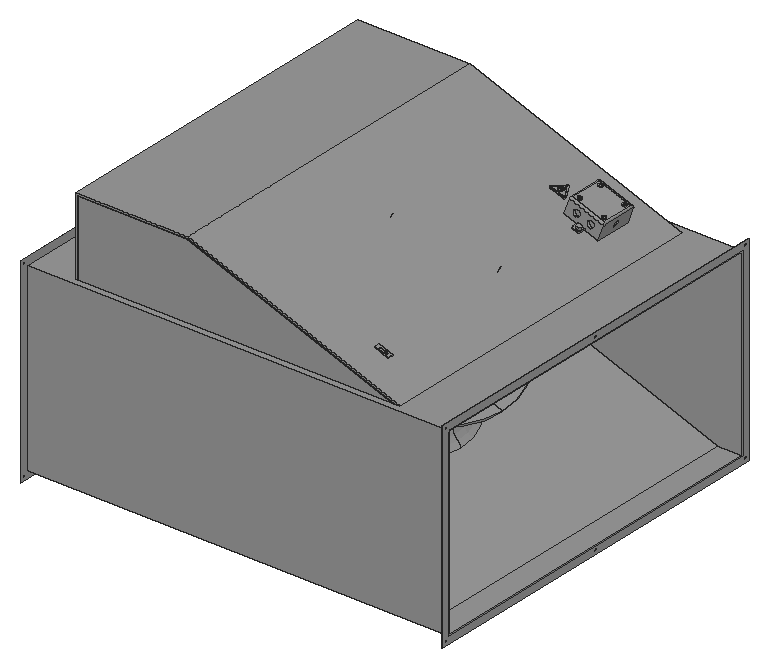
Revit family "ВКП_1000х500_Eng", category Mechanical Equipment, Revit 2021
Family settings
  Round Connector Dimension = Use Diameter
  Classification = None
  Part Type = Normal
  Work Plane-Based = No
  Always vertical = Yes
  Cut with Voids When Loaded = No
  Shared = No
  Room Calculation Point = No
Parameters (values of type "VKP 4D 1000x500")
  Width = B2  # 1040 mm
  Weight = 126 kg
  Voltage = 400 V
  Pressure_Static_Air [instance] = 0.0 Pa
  Power = 4300 W
  Number of Fase = 3
  Maximum Air Flow = 4170.0 L/s
  Load Classification = "HVAC"
  Length = L  # 1150 mm
  Height = H + 230 mm  # 730 mm
  Description = "For rectangular ducts"  # constant formula
  Default Elevation = 0 mm
  Manufacturer = "Vents"  # constant formula
  h1 = H / 2  # 250 mm
  URL = "https://ventilation-system.com/series/vkp-rectangular"
  Maintenance zone material = none
  L = 1150 mm
  H2 = 540 mm
  H1 = 520 mm
  Casing Material = Steel, galvanized
  H = 500 mm
  B2 = 1040 mm
  B1 = 1020 mm
  B = 1000 mm
  Amperage = 6.8 A
  Air Flow [instance] = 0.0 L/s
  09_System_Name [instance] = ""
  00_20_Type = "VKP 4D 1000x500"
  00_20_Name = "Inline centrifugal fan"  # constant formula
  00_20_Manufacturer = "Vents"  # constant formula
Types (2, lengths in mm): name | Weight | Power | Maximum Air Flow | Amperage | 00_20_Type
  VKP 4D 1000x500 | 126 kg | 4300 W | 4170.0 L/s | 6.8 A | "VKP 4D 1000x500"
  VKP 6D 1000x500 | 120 kg | 1198 W | 2900.0 L/s | 2.7 A | "VKP 6D 1000x500"
Reference planes
  plane 1 "По центру (Вперед/Назад)": y = 0
  plane 2: z = 0
  plane 3 "По центру (Влево/Вправо)": x = 0
  plane 4: y = 500
  plane 5: y = -500
  plane 6: x = -575
  plane 7: x = 575
  plane 8: y = 510
  plane 9: y = -510
  plane 10: z = -10
  plane 11: z = 510
  plane 12 "20 град": through (950.936, -1524, -158.675) normal (-0.342, 0, -0.9397)
  plane 13 "Ось барабана": through (487.358, -1524, 1498.001) normal (0.9397, 0, -0.342)
Forms (mm)
  Extrusion 1, solid, material "Steel, galvanized"
    sketch origin (0, 0, 0) x (1, 0, 0) y (0, 1, 0)
      loop
        line (-575, 500) -> (-575, -500) -> (575, -500) -> (575, 500) -> (-575, 500)
    from 0 to 500 <- "H"
  Extrusion 2, void
    sketch origin (0, 0, 0) x (0, 1, 0) y (0, 0, 1)
      loop
        line (498, 498) -> (-498, 498) -> (-498, 2) -> (498, 2) -> (498, 498)
    from -575 to 575
  Extrusion 3, solid, material "Steel, galvanized"
    sketch origin (0, 0, 0) x (0, 1, 0) y (0, 0, 1)
      loop
        line (520, -20) -> (520, 520) -> (-520, 520) -> (-520, -20) -> (520, -20)
      loop
        line (500, 0) -> (500, 500) -> (-500, 500) -> (-500, 0) -> (500, 0)
      loop
        circle (510, 510) r 4.5
      loop
        circle (-510, 510) r 4.5
      loop
        circle (-510, -10) r 4.5
      loop
        circle (510, -10) r 4.5
      loop
        circle (0, 510) r 4.5
      loop
        circle (0, -10) r 4.5
    from 575 to 573
  Extrusion 4, solid, material "Steel, galvanized"
    sketch origin (0, 0, 0) x (0, 1, 0) y (0, 0, 1)
      loop
        line (520, -20) -> (520, 520) -> (-520, 520) -> (-520, -20) -> (520, -20)
      loop
        line (500, 0) -> (500, 500) -> (-500, 500) -> (-500, 0) -> (500, 0)
      loop
        circle (510, 510) r 4.5
      loop
        circle (-510, 510) r 4.5
      loop
        circle (-510, -10) r 4.5
      loop
        circle (510, -10) r 4.5
      loop
        circle (0, 510) r 4.5
      loop
        circle (0, -10) r 4.5
    from -573 to -575
  Extrusion 5, solid, material "Steel, galvanized"
    sketch origin (0, 0, 0) x (1, 0, 0) y (0, 0, 1)
      loop
        line (-151.964, 710.018) -> (-455, 710.018) -> (-455, 500) -> (-450, 500) -> (-450, 705) -> (-152.852, 705) -> (410.381, 500.021) -> (425, 500.021) -> (-151.964, 710.018)
    from -480 to 480
  Revolve 6, solid, material "Steel, galvanized"
    sketch origin (0.021, 0, -0.002) x (1, 0, 0.000032) y (-0.000032, 0, 1)
      loop
        line (40.374, 634.679) -> (30.751, 638.182) -> (24.639, 621.391) -> (-106.918, 669.273) -> (-108.628, 664.575) -> (-61.643, 647.474) -> (-147.148, 412.551) -> (-194.133, 429.652) -> (-195.843, 424.953) -> (-130.954, 401.336)
        arc (-130.954, 401.336) -> (-109.794, 376.116) -> (-109.795, 343.195) r 48.128
        line (-109.795, 343.195) -> (-121.767, 310.306)
        arc (-121.767, 310.306) -> (-148.377, 273.682) -> (-190.352, 256.724) r 82.12
        line (-190.352, 256.724) -> (-108.088, 226.782) -> (40.374, 634.679)
      axis (9.137, 184.116) -> (157.6, 592.013)
    angle from 0 to 360
  Extrusion 7, void
    sketch origin (0, 0, 0) x (1, 0, 0) y (0, 1, 0)
      loop
        line (-450, 480) -> (-450, -480) -> (425, -480) -> (425, 480) -> (-450, 480)
    from 498 to 500
  Extrusion 8, solid, material "Steel, galvanized"
    sketch origin (0, 0, 0) x (1, 0, 0) y (0, 0, 1)
      loop
        line (509.486, 2) -> (-480, 362.143) -> (-480, 498) -> (-485, 498) -> (-485, 358.642) -> (494.867, 2) -> (509.486, 2)
    from -498 to 498
  Extrusion 9, solid, material "Steel, galvanized"
    sketch origin (0, 0, 0) x (1, 0, 0) y (0, 0, 1)
      loop
        line (-450, 705) -> (-450, 500) -> (410.437, 500) -> (-152.852, 705) -> (-450, 705)
    from -480 to -475
  Extrusion 10, solid, material "Steel, galvanized"
    sketch origin (0, 0, 0) x (1, 0, 0) y (0, 0, 1)
      loop
        line (-450, 705) -> (-450, 500) -> (410.437, 500) -> (-152.852, 705) -> (-450, 705)
    from 475 to 480
  Extrusion 11, void
    sketch origin (60.679, 0, 165.352) x (0.939693, 0, -0.34202) y (0, -1, 0)
      loop
        circle (-54.888, 0) r 212
    from 0 to 5
  Extrusion 12, solid, material "Steel, galvanized"
    sketch origin (0, 0, 0) x (1, 0, 0) y (0, 0, 1)
      loop
        line (406.8, 34.054) -> (-485, 358.642) -> (-485, 2) -> (406.8, 2) -> (406.8, 34.054)
    from 2 to -2
Cuts and joins
  Extrusion 2, Extrusion 7, Extrusion 11 cuts Extrusion 1
  Extrusion 11 cuts Revolve 6
  Extrusion 11 cuts Extrusion 8
Dimensions and locks
  equal spacing: plane 6, plane 3 "По центру (Влево/Вправо)", plane 7
  "L": plane 6 to plane 7
  equal spacing: plane 4, plane 1 "По центру (Вперед/Назад)", plane 5
  "B": plane 4 to plane 5
  locked: Extrusion 1 to Extrusion 2 sketch curve at 2
  locked: Extrusion 2 sketch curve to level at 2
  locked: plane 4 to Extrusion 2 sketch curve at 2
  locked: Extrusion 2 sketch curve to plane 5 at 2
  "H": Extrusion 3 sketch curve to level
  Extrusion 3 sketch curve to Extrusion 3 sketch curve = 20 mm
  "H2": Extrusion 3 sketch curve to Extrusion 3 sketch curve
  equal spacing: Extrusion 3 sketch curve, plane 1 "По центру (Вперед/Назад)", Extrusion 3 sketch curve
  "B2": Extrusion 3 sketch curve to Extrusion 3 sketch curve
  equal spacing: plane 8, plane 1 "По центру (Вперед/Назад)", plane 9
  "B1": plane 8 to plane 9
  level to plane 10 = 10 mm
  "H1": plane 11 to plane 10
  locked: Extrusion 3 to plane 7 at 2
  "H": Extrusion 4 sketch curve to level
  Extrusion 4 sketch curve to cut or joined group of Extrusion 1, Extrusion 2, Extrusion 7, Extrusion 11 = 20 mm
  "H2": Extrusion 4 sketch curve to Extrusion 4 sketch curve
  equal spacing: Extrusion 4 sketch curve, plane 1 "По центру (Вперед/Назад)", Extrusion 4 sketch curve
  "B2": Extrusion 4 sketch curve to Extrusion 4 sketch curve
  locked: plane 6 to Extrusion 4 at 2
  locked: plane 12 "20 град" to plane 7 at 60.019
  locked: plane 13 "Ось барабана" to plane 7 at 447.245
  plane 10 to Extrusion 5 sketch curve = 720.018 mm
  locked: Extrusion 5 sketch curve to plane 7 at 150
  locked: Extrusion 5 sketch curve to Extrusion 5 sketch curve at 880
  locked: Extrusion 5 to plane 5 at 20
  locked: plane 4 to Extrusion 5 at 20
  Revolve 6 sketch curve to Revolve 6 sketch curve = 17.869 mm
  locked: Revolve 6 sketch curve to Revolve 6 sketch curve at 5  (x2)
  "h1": Revolve 6 sketch curve to Revolve 6 sketch curve
  Revolve 6 sketch curve to Revolve 6 sketch curve = 50 mm  (x2)
  locked: plane 12 "20 град" to plane 10 (angle 20.00°)
  locked: Extrusion 5 sketch curve to cut or joined group of Extrusion 1, Extrusion 2, Extrusion 7, Extrusion 11 (angle 20.00°)
  aligned and locked: level to plane 2
  aligned and locked: Extrusion 1 sketch curve to plane 4
  aligned and locked: Extrusion 1 sketch curve to plane 6
  aligned and locked: plane 5 to Extrusion 1 sketch curve
  aligned and locked: plane 7 to Extrusion 1 sketch curve
  aligned and locked: plane 6 to Extrusion 2
  aligned and locked: Extrusion 2 to plane 7
  aligned and locked: Extrusion 3 sketch curve to plane 4
  aligned and locked: plane 5 to Extrusion 3 sketch curve
  aligned and locked: level to Extrusion 3 sketch curve
  aligned and locked: plane 7 to Extrusion 3
  aligned and locked: Extrusion 4 sketch curve to plane 4
  aligned and locked: plane 5 to Extrusion 4 sketch curve
  aligned and locked: level to Extrusion 4 sketch curve
  aligned and locked: Extrusion 4 to plane 6
  aligned and locked: Extrusion 5 sketch curve to cut or joined group of Extrusion 1, Extrusion 2, Extrusion 7, Extrusion 11
  aligned and locked: cut or joined group of Extrusion 1, Extrusion 2, Extrusion 7, Extrusion 11 to Extrusion 8  (x2)
  aligned and locked: nested 1 to Extrusion 5
  aligned and locked: nested 2 to Extrusion 5
  aligned and locked: nested 3 to Extrusion 5
Automatic sketch dimensions
  Extrusion 5 sketch curve to Extrusion 5 sketch curve = 5 mm
  Extrusion 5 sketch curve to plane 3 "По центру (Влево/Вправо)" = 152.852 mm
  Extrusion 5 sketch curve to Extrusion 5 sketch curve = 0.888 mm
  Extrusion 5 sketch curve to Extrusion 5 sketch curve = 14.619 mm
  Extrusion 5 sketch curve to Extrusion 5 sketch curve = 5.018 mm
  plane 5 to Extrusion 7 sketch curve = 20 mm
  Extrusion 7 sketch curve to plane 6 = 125 mm
  plane 7 to Extrusion 7 sketch curve = 150 mm
  Extrusion 7 sketch curve to plane 4 = 20 mm
  plane 12 "20 град" to Extrusion 8 sketch curve = 0 mm  (x2)
  Extrusion 8 sketch curve to Extrusion 8 sketch curve = 5 mm
  level to Extrusion 8 sketch curve = 2 mm
  Extrusion 8 sketch curve to Extrusion 8 sketch curve = 14.619 mm
  Extrusion 8 sketch curve to Extrusion 8 sketch curve = 3.501 mm
  Extrusion 8 sketch curve to plane 11 = 12 mm
  Extrusion 8 sketch curve to plane 6 = 95 mm
  Extrusion 9 sketch curve to plane 11 = 10 mm
  Extrusion 9 sketch curve to plane 6 = 125 mm
  plane 11 to Extrusion 9 sketch curve = 195 mm
  plane 3 "По центру (Влево/Вправо)" to Extrusion 9 sketch curve = 410.437 mm
  Extrusion 9 sketch curve to plane 3 "По центру (Влево/Вправо)" = 152.852 mm
  Extrusion 10 sketch curve to plane 6 = 125 mm
  Extrusion 10 sketch curve to plane 3 "По центру (Влево/Вправо)" = 152.852 mm
  plane 7 to Extrusion 10 sketch curve = 164.563 mm
  Extrusion 10 sketch curve to plane 11 = 10 mm
  Extrusion 10 sketch curve to Extrusion 10 sketch curve = 205 mm
  Extrusion 11 sketch curve to plane 1 "По центру (Вперед/Назад)" = 0 mm
  Extrusion 11 sketch curve to plane 13 "Ось барабана" = 0.042 mm
  level to Extrusion 12 sketch curve = 2 mm
  Extrusion 12 sketch curve to plane 6 = 90 mm
  plane 7 to Extrusion 12 sketch curve = 168.2 mm
  Extrusion 12 sketch curve to Extrusion 12 sketch curve = 32.054 mm
  Extrusion 12 sketch curve to Extrusion 12 sketch curve = 324.589 mm
  Extrusion 3 sketch curve to plane 9 = 0 mm  (x2)
  Extrusion 3 sketch curve to plane 1 "По центру (Вперед/Назад)" = 0 mm  (x2)
  Extrusion 3 sketch curve to plane 8 = 0 mm  (x2)
  Extrusion 3 sketch curve to plane 10 = 0 mm  (x2)
  plane 10 to Extrusion 3 sketch curve = 0 mm
  plane 11 to Extrusion 3 sketch curve = 0 mm
  Extrusion 3 sketch curve to plane 11 = 0 mm  (x2)
  Extrusion 4 sketch curve to plane 9 = 0 mm  (x2)
  Extrusion 4 sketch curve to plane 1 "По центру (Вперед/Назад)" = 0 mm  (x2)
  Extrusion 4 sketch curve to plane 8 = 0 mm  (x2)
  Extrusion 4 sketch curve to plane 10 = 0 mm  (x2)
  plane 10 to Extrusion 4 sketch curve = 0 mm
  plane 11 to Extrusion 4 sketch curve = 0 mm
  Extrusion 4 sketch curve to plane 11 = 0 mm  (x2)
  plane 12 "20 град" to Revolve 6 sketch curve = 0 mm
  Revolve 6 sketch curve to plane 3 "По центру (Влево/Вправо)" = 198.924 mm
  Revolve 6 sketch curve to Revolve 6 sketch curve = 3.091 mm
  Revolve 6 sketch curve to Revolve 6 sketch curve = 4.801 mm
  Revolve 6 sketch curve to Revolve 6 sketch curve = 8.581 mm
  Revolve 6 sketch curve to Revolve 6 sketch curve = 43.914 mm
  Revolve 6 sketch curve to Revolve 6 sketch curve = 67.979 mm
  Revolve 6 sketch curve to Revolve 6 sketch curve = 77.167 mm
  Revolve 6 sketch curve to Revolve 6 sketch curve = 11.972 mm
  Revolve 6 sketch curve to Revolve 6 sketch curve = 13.679 mm
  plane 3 "По центру (Влево/Вправо)" to Revolve 6 sketch curve = 24.64 mm
  plane 3 "По центру (Влево/Вправо)" to Revolve 6 sketch curve = 40.375 mm
  Revolve 6 sketch curve to Revolve 6 sketch curve = 83.523 mm
  Revolve 6 sketch curve to Revolve 6 sketch curve = 32.889 mm
  plane 3 "По центру (Влево/Вправо)" to Revolve 6 sketch curve = 82.677 mm
  plane 3 "По центру (Влево/Вправо)" to Revolve 6 sketch curve = 120.296 mm
  Revolve 6 sketch curve to plane 11 = 123.856 mm
  Revolve 6 sketch curve to plane 11 = 20.489 mm
  radius of Extrusion 11 sketch curve = 212 mm
  radius of Extrusion 3 sketch curve = 4.5 mm  (x6)
  radius of Extrusion 4 sketch curve = 4.5 mm  (x6)
Nested families
  nested 1: "Сonnector" at (295.503, 350, 547.154) x (0.9397, 0, -0.342) z (0.342, 0, 0.9397), type "100х100"
  nested 2: "Arrow" at (301.593, -380, 544.937) x (0.9397, 0, -0.342) z (0.342, 0, 0.9397), type "Arrow"
  nested 3: "Sticker" at (199.964, 335, 581.927) x (0.9397, 0, -0.342) z (0.342, 0, 0.9397), type "Sticker"
Connectors
  hvac at (575, 0, 250), driven by "H", driven by "B"
    settings: on Extrusion 3, index 1, duct flow 0.0 L/s, flow factor 0, pres drop 0.0 Pa, loss coef 0, conn angle 0.00°, conn width 1000 mm, conn height 500 mm, conn diameter 609.6 mm, duct sys type 1, conn prof type 1, flow config 0, flow direction 2, loss method 0, conn ref index -1, conn util no, is conn primary yes, conn desc ""
  hvac at (-575, 0, 250), driven by "H", driven by "B"
    settings: on Extrusion 4, index 2, duct flow 0.0 L/s, flow factor 0, pres drop 0.0 Pa, loss coef 0, conn angle 0.00°, conn width 1000 mm, conn height 500 mm, conn diameter 609.6 mm, duct sys type 1, conn prof type 1, flow config 0, flow direction 1, loss method 0, conn ref index -1, conn util no, is conn primary no, conn desc ""
  electrical at (351.038, 350, 553.545), driven by "Voltage"
    settings: on nested 1, index 3, voltage 400 V, apparent load 0 VA, apparent load phase1 0 VA, apparent load phase2 0 VA, apparent load phase3 0 VA, power factor 1, load classification "Мощность", number of poles 1, system type 31, power factor state 1, is connector primary yes, connector utility no, sub classification motor no, connector description ""
Definition of nested family "Сonnector"
  Parameters (values of type "75х75")
    Ш2 = Ш + 20 mm - 12 mm  # 83 mm
    Ш1 = Ш / 2 - 15 mm  # 22.5 mm
    Ш = 75 mm
    Default Elevation = 0 mm
    Д1 = Д / 2 - 15 mm  # 22.5 mm
    Д = 75 mm
    h = H / 2  # 25 mm
    H = 50 mm
  Types (3, lengths in mm): name | Ш2 | Ш1 | Ш | Д1 | Д
    100х100 | 108 | 35 | 100 | 35 | 100
    200Х200 | 208 | 85 | 200 | 85 | 200
    75х75 | 83 | 22.5 | 75 | 22.5 | 75
  Reference planes
    plane 1 "По центру (Вперед/Назад)": y = 0
    plane 2: z = 0
    plane 3 "По центру (Влево/Вправо)": x = 0
  Forms (mm)
    Extrusion 1, solid
      sketch origin (0, 0, 0) x (1, 0, 0) y (0, 1, 0)
        loop
          line (-37.5, 37.5) -> (-37.5, -37.5) -> (37.5, -37.5) -> (37.5, 37.5) -> (-37.5, 37.5)
      from 0 to 50 <- "H"
    Sweep 2, void
      path in 3D
        loop
          line (-37.5, 37.5, 50) -> (-37.5, -37.5, 50) -> (37.5, -37.5, 50) -> (37.5, 37.5, 50) -> (-37.5, 37.5, 50)
      profile origin (0, 37.5, 50) x (0, -1, 0) y (0, 0, 1)
        loop
          line (5, 0) -> (0, 0) -> (0, -5)
          arc (0, -5) -> (1.464, -1.464) -> (5, 0) r 5
    Extrusion 3, solid
      sketch origin (0, 0, 0) x (1, 0, 0) y (0, 1, 0)
        loop
          line (10, 37.5) -> (10, 54.859)
          arc (10, 54.859) -> (9.227, 56.727) -> (7.359, 57.5) r 2.641
          line (7.359, 57.5) -> (-7.359, 57.5)
          arc (-7.359, 57.5) -> (-9.227, 56.727) -> (-10, 54.859) r 2.641
          line (-10, 54.859) -> (-10, 37.5) -> (10, 37.5)
        loop
          circle (0, 47.5) r 4
        loop
          line (10, -37.5) -> (-10, -37.5) -> (-10, -54.859)
          arc (-10, -54.859) -> (-9.227, -56.727) -> (-7.359, -57.5) r 2.641
          line (-7.359, -57.5) -> (7.359, -57.5)
          arc (7.359, -57.5) -> (9.227, -56.727) -> (10, -54.859) r 2.641
          line (10, -54.859) -> (10, -37.5)
        loop
          circle (0, -47.5) r 4
      from 0 to 4
    Extrusion 4, void
      sketch origin (0, 0, 0) x (0, 1, 0) y (0, 0, 1)
        loop
          circle (0, 25) r 10
      from -37.5 to -32.5
    Extrusion 5, void
      sketch origin (0, 0, 0) x (0, 1, 0) y (0, 0, 1)
        loop
          circle (0, 25) r 10
      from 32.5 to 37.5
    Extrusion 6, void
      sketch origin (0, 0, 0) x (1, 0, 0) y (0, 0, 1)
        loop
          circle (20, 25) r 10
        loop
          circle (-20, 25) r 10
      from 32.5 to 37.5
    Extrusion 7, void
      sketch origin (0, 0, 0) x (1, 0, 0) y (0, 0, 1)
        loop
          circle (20, 25) r 10
        loop
          circle (-20, 25) r 10
      from -37.5 to -32.5
    Extrusion 8, solid
      sketch origin (0, 0, 0) x (1, 0, 0) y (0, 1, 0)
        loop
          line (3.462, 41.5) -> (6.924, 47.496) -> (3.462, 53.492) -> (-3.462, 53.492) -> (-6.924, 47.496) -> (-3.462, 41.5) -> (3.462, 41.5)
        loop
          line (3.462, -41.5) -> (-3.462, -41.5) -> (-6.924, -47.496) -> (-3.462, -53.492) -> (3.462, -53.492) -> (6.924, -47.496) -> (3.462, -41.5)
      from 4 to 9.463
  Cuts and joins
    Sweep 2, Extrusion 4, Extrusion 5, Extrusion 6, Extrusion 7 cuts Extrusion 1
  Lines and regions (mm)
    sketch lines
      curve 1: line (37.5, 37.5, 50) -> (-37.5, 37.5, 50)
      curve 2: line (37.5, -37.5, 50) -> (37.5, 37.5, 50)
      curve 3: line (-37.5, -37.5, 50) -> (37.5, -37.5, 50)
      curve 4: line (-37.5, 37.5, 50) -> (-37.5, -37.5, 50)
  Dimensions and locks
    "Д": Extrusion 1 sketch curve to Extrusion 1 sketch curve
    "Ш": Extrusion 1 sketch curve to Extrusion 1 sketch curve
    equal spacing: Extrusion 1 sketch curve, plane 3 "По центру (Влево/Вправо)", Extrusion 1 sketch curve
    equal spacing: Extrusion 1 sketch curve, plane 1 "По центру (Вперед/Назад)", Extrusion 1 sketch curve
    "Д1": nested 2 to plane 3 "По центру (Влево/Вправо)"
    "Д1": plane 3 "По центру (Влево/Вправо)" to nested 1
    "Д1": nested 4 to plane 3 "По центру (Влево/Вправо)"
    "Д1": plane 3 "По центру (Влево/Вправо)" to nested 3
    "Ш1": nested 3 to plane 1 "По центру (Вперед/Назад)"
    "Ш1": plane 1 "По центру (Вперед/Назад)" to nested 1
    "Ш1": nested 4 to plane 1 "По центру (Вперед/Назад)"
    "Ш1": plane 1 "По центру (Вперед/Назад)" to nested 2
    Extrusion 3 sketch curve to Extrusion 3 sketch curve = 20 mm  (x3)
    equal spacing: Extrusion 3 sketch curve, plane 1 "По центру (Вперед/Назад)", Extrusion 3 sketch curve
    "Ш": Extrusion 3 sketch curve to Extrusion 3 sketch curve
    "h": Extrusion 4 sketch curve to level
    "h": Extrusion 5 sketch curve to level
    "h": level to Extrusion 6 sketch curve  (x2)
    plane 3 "По центру (Влево/Вправо)" to Extrusion 6 sketch curve = 20 mm
    Extrusion 6 sketch curve to plane 3 "По центру (Влево/Вправо)" = 20 mm
    "h": level to Extrusion 7 sketch curve  (x2)
    Extrusion 7 sketch curve to plane 3 "По центру (Влево/Вправо)" = 20 mm
    plane 3 "По центру (Влево/Вправо)" to Extrusion 7 sketch curve = 20 mm
    locked: Extrusion 8 sketch curve to Extrusion 8 sketch curve at 11.992  (x2)
    equal spacing: Extrusion 8, plane 1 "По центру (Вперед/Назад)", Extrusion 8
    "Ш2": Extrusion 8 to Extrusion 8
    locked: Extrusion 3 sketch curve to cut or joined group of Extrusion 1, Sweep 2, Extrusion 4, Extrusion 5, Extrusion 6, Extrusion 7 at 10  (x2)
    radius of Extrusion 7 sketch curve = 10 mm
    aligned and locked: level to plane 2
    aligned and locked: Extrusion 1 to Extrusion 4
    aligned and locked: Sweep 2 to Extrusion 4
    aligned and locked: Extrusion 1 to Extrusion 5
    aligned and locked: Sweep 2 to Extrusion 5
    aligned and locked: Extrusion 1 to Extrusion 6
    aligned and locked: Sweep 2 to Extrusion 6
    aligned and locked: Extrusion 1 to Extrusion 7
    aligned and locked: Extrusion 7 to Sweep 2
  Automatic sketch dimensions
    Sweep 2 sketch curve to profile plane = 0 mm  (x2)
    Sweep 2 sketch curve to profile plane = 5 mm
    Extrusion 8 sketch curve to plane 3 "По центру (Влево/Вправо)" = 6.924 mm  (x2)
    Extrusion 8 sketch curve to plane 3 "По центру (Влево/Вправо)" = 3.462 mm  (x4)
    plane 3 "По центру (Влево/Вправо)" to Extrusion 8 sketch curve = 3.462 mm  (x4)
    Extrusion 8 sketch curve to Extrusion 8 sketch curve = 3.462 mm
    plane 3 "По центру (Влево/Вправо)" to Extrusion 8 sketch curve = 6.924 mm
    plane 1 "По центру (Вперед/Назад)" to Extrusion 8 sketch curve = 53.492 mm
    Extrusion 8 sketch curve to Extrusion 8 sketch curve = 5.996 mm  (x4)
    Extrusion 8 sketch curve to plane 1 "По центру (Вперед/Назад)" = 41.5 mm
    Extrusion 3 sketch curve to plane 3 "По центру (Влево/Вправо)" = 0 mm  (x2)
    Extrusion 3 sketch curve to plane 3 "По центру (Влево/Вправо)" = 7.359 mm  (x2)
    Extrusion 3 sketch curve to plane 3 "По центру (Влево/Вправо)" = 10 mm  (x2)
    plane 3 "По центру (Влево/Вправо)" to Extrusion 3 sketch curve = 7.359 mm
    Extrusion 3 sketch curve to Extrusion 3 sketch curve = 2.641 mm  (x2)
    Extrusion 4 sketch curve to plane 1 "По центру (Вперед/Назад)" = 0 mm
    Extrusion 5 sketch curve to plane 1 "По центру (Вперед/Назад)" = 0 mm
    radius of Extrusion 3 sketch curve = 4 mm  (x2)
    radius of Extrusion 4 sketch curve = 10 mm
    radius of Extrusion 5 sketch curve = 10 mm
    radius of Extrusion 6 sketch curve = 10 mm  (x2)
    radius of Extrusion 7 sketch curve = 10 mm
  Nested families
    nested 1: "Винт" at (22.5, 22.5, 50), built-in parameter 1001364 <- "H", type "Винт"
    nested 2: "Винт" at (-22.5, 22.5, 50), built-in parameter 1001364 <- "H", type "Винт"
    nested 3: "Винт" at (22.5, -22.5, 50), built-in parameter 1001364 <- "H", type "Винт"
    nested 4: "Винт" at (-22.5, -22.5, 50), built-in parameter 1001364 <- "H", type "Винт"
  Definition of nested family "Винт"
    Parameters (values of type "Винт")
      Default Elevation = 0 mm
    Reference planes
      plane 1 "По центру (Вперед/Назад)": y = 0
      plane 2: z = 0
      plane 3 "По центру (Влево/Вправо)": x = 0
    Forms (mm)
      Revolve 1, solid
        sketch origin (0, 0, 0) x (1, 0, 0) y (0, 0, 1)
          loop
            line (0, -20) -> (2.5, -20) -> (2.5, 0) -> (5, 0) -> (5, 0.988)
            arc (5, 0.988) -> (2.589, 1.966) -> (0, 2.235) r 9.254
            line (0, 2.235) -> (0, -20)
          axis (0, 2.235) -> (0, -20)
        angle from 0 to 360
      Extrusion 2, void
        sketch origin (0, -0.137, 0) x (1, 0, 0) y (0, 1, 0)
          loop
            line (-0.439, -5.142) -> (0.455, -5.142) -> (0.455, -0.343) -> (5.265, -0.343) -> (5.265, 0.594) -> (0.455, 0.594) -> (0.455, 5.38) -> (-0.439, 5.38) -> (-0.439, 0.594) -> (-5.291, 0.594) -> (-5.291, -0.343) -> (-0.439, -0.343) -> (-0.439, -5.142)
        from 0.988 to 3.071
    Cuts and joins
      Extrusion 2 cuts Revolve 1
    Dimensions and locks
      aligned and locked: level to plane 2
      aligned and locked: Extrusion 2 to Revolve 1
Definition of nested family "Arrow"
  Parameters (values of type "Cтрелка")
    Default Elevation = 0 mm
  Reference planes
    plane 1 "По центру (Вперед/Назад)": y = 0
    plane 2: z = 0
    plane 3 "По центру (Влево/Вправо)": x = 0
  Forms (mm)
    Extrusion 1, solid
      sketch origin (0, 0, 0) x (1, 0, 0) y (0, 1, 0)
        loop
          line (-20, -7.5) -> (20, -7.5) -> (20, 7.5) -> (-20, 7.5) -> (-20, -7.5)
        loop
          line (-10.967, 0) -> (-10.967, -2.486) -> (3.357, -2.486) -> (3.357, -4.529) -> (11.203, 0) -> (3.357, 4.529) -> (3.357, 2.486) -> (-10.967, 2.486) -> (-10.967, 0)
      from 0 to 1
    Extrusion 2, solid
      sketch origin (0, 0, 0) x (1, 0, 0) y (0, 1, 0)
        loop
          line (-10.967, 2.486) -> (-10.967, -2.486) -> (3.357, -2.486) -> (3.357, -4.529) -> (11.203, 0) -> (3.357, 4.529) -> (3.357, 2.486) -> (-10.967, 2.486)
      from 0 to 1
  Dimensions and locks
    aligned and locked: level to plane 2
Definition of nested family "Sticker"
  Parameters (values of type "Электрика")
    Default Elevation = 0 mm
  Reference planes
    plane 1 "По центру (Вперед/Назад)": y = 0
    plane 2: z = 0
    plane 3 "По центру (Влево/Вправо)": x = 0
  Forms (mm)
    Extrusion 1, solid
      sketch origin (0, 0, 0) x (1, 0, 0) y (0, 1, 0)
        loop
          line (0, 0.664) -> (18.543, 0.664)
          arc (18.543, 0.664) -> (21.349, 1.985) -> (22.119, 4.99) r 3.641
          line (22.119, 4.99) -> (2.806, 38.44)
          arc (2.806, 38.44) -> (0, 39.762) -> (-2.806, 38.44) r 3.641
          line (-2.806, 38.44) -> (-22.119, 4.99)
          arc (-22.119, 4.99) -> (-21.349, 1.985) -> (-18.543, 0.664) r 3.641
          line (-18.543, 0.664) -> (0, 0.664)
        loop
          arc (-20.055, 4.565) -> (-19.717, 3.245) -> (-18.484, 2.664) r 1.6
          line (-18.484, 2.664) -> (18.396, 2.664)
          arc (18.396, 2.664) -> (19.729, 3.379) -> (19.87, 4.885) r 1.6
          line (19.87, 4.885) -> (1.2, 37.223)
          arc (1.2, 37.223) -> (0.104, 37.807) -> (-1.079, 37.432) r 1.6
          line (-1.079, 37.432) -> (-20.055, 4.565)
      from 0 to 1
    Extrusion 2, solid
      sketch origin (0, 0, 0) x (1, 0, 0) y (0, 1, 0)
        loop
          line (1.519, 30.846) -> (-2.718, 30.846) -> (-7.387, 14.53) -> (2.226, 19.012) -> (-1.819, 8.947) -> (-2.667, 9.352) -> (-2.823, 5.949) -> (-0.273, 8.208) -> (-1.096, 8.601) -> (5.366, 22.132) -> (-4.385, 17.585) -> (1.519, 30.846)
      from 0 to 1
    Extrusion 3, solid
      sketch origin (0, 0, 0) x (1, 0, 0) y (0, 1, 0)
        loop
          line (-1.079, 37.432) -> (-20.055, 4.565)
          arc (-20.055, 4.565) -> (-19.717, 3.245) -> (-18.484, 2.664) r 1.6
          line (-18.484, 2.664) -> (18.396, 2.664)
          arc (18.396, 2.664) -> (19.781, 3.464) -> (19.781, 5.064) r 1.6
          line (19.781, 5.064) -> (1.296, 37.092)
          arc (1.296, 37.092) -> (0.185, 37.798) -> (-1.079, 37.432) r 1.6
      from 0 to 0.9
  Dimensions and locks
    aligned and locked: level to plane 2
